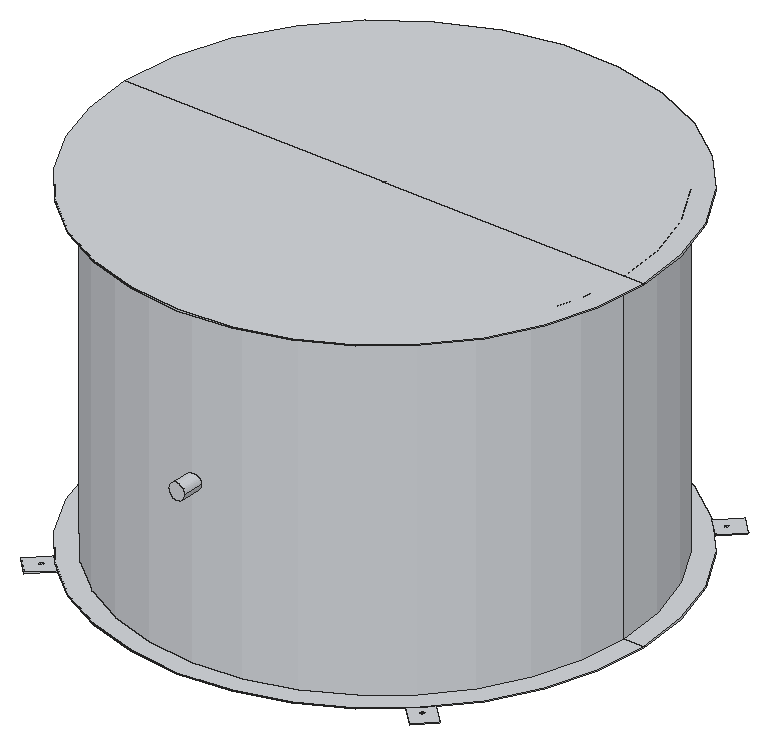
Revit family "AFD-C_Downblast_Floor_Mount", category Mechanical Equipment, Revit 2019
Family settings
  Round Connector Dimension = Use Radius
  Part Type = Normal
  Work Plane-Based = No
  Always vertical = Yes
  Cut with Voids When Loaded = No
  Shared = No
  Room Calculation Point = No
Parameters (values of type "60_AFD-C_DOWNBLAST_FLOOR")
  Unit Weight [instance] = ""
  ModelID [instance] = ""
  L/2 = L / 2  # 2' - 0 17/32"
  L = 4' - 1 1/16"
  K/2 = K / 2  # 0' - 0 7/32"
  K = 0' - 0 7/16"
  J/2 = J / 2  # 2' - 10 11/16"
  Accessories [instance] = ""
  45 = 45.00°  # constant formula
  (L-1")/2 = (L - 0' 1") / 2  # 2' - 0 1/32"
  (J+(J-A))/2 = (J + ((J - A) / 2)) / 2  # 3' - 0 11/16"
  J = 5' - 9 3/8"
  CENTER = 0' - 0"  # constant formula
  H-(A/2) = H - (A / 2)  # 2' - 0 1/16"
  H+J = H + CENTER  # 4' - 6 3/4"
  H = 4' - 6 3/4"
  Sones [instance] = ""
  Motor RPM [instance] = ""
  Motor Enclosure [instance] = ""
  LwA [instance] = ""
  G = 12' - 0"
  Fan RPM [instance] = ""
  F/2 = F / 2  # 0' - 1 1/2"
  F = 0' - 3"
  E/2 = E / 2  # 1' - 9"
  E-2" = E - 0' 2"  # 3' - 4"
  E = 3' - 6"
  C/2+J = C / 2 + CENTER  # 2' - 7 13/16"
  C/2 = C / 2  # 2' - 7 13/16"
  C = 5' - 3 5/8"
  B/2 = B / 2  # 2' - 9 3/8"
  B = 5' - 6 3/4"
  A/3 = A / 2.5  # 2' - 0.55"
  A/2 = A / 2  # 2' - 6 11/16"
  A = 5' - 1 3/8"
  60 = 60.00°  # constant formula
  30 = 30.00°  # constant formula
  3" = 0' - 3"  # constant formula
  Brake Hp [instance] = ""
  4" = 0' - 4"  # constant formula
  2' = 2' - 0"
  2" = 0' - 2"  # constant formula
  1" = 0' - 1"  # constant formula
  0 = 0' - 0"  # constant formula
  Voltage [instance] = 0 V
  URL = "www.lorencook.com"
  Type Comments = "Tube Axial Fan Downblast Floor Mount Direct Drive Arrangement 4"  # constant formula
  Static Pressure [instance] = 0.00 in-wg
  Power [instance] = Voltage * Motor FLA * sqrt(if(Phase = 3, 3, 1))  # 0 VA
  Phase [instance] = 0
  Number of Poles [instance] = 1
  Motor Hp [instance] = "0"
  Motor FLA [instance] = 0 A
  Model = "AFD-C"  # constant formula
  Manufacturer = "Loren Cook Company"
  CFM [instance] = 0 CFM
  1.5 = 0' - 1 1/2"  # constant formula
  ONE EIGTH = 0' - 0 1/8"  # constant formula
  -E/2 = -E / 2  # -1' - 9"
  -(E-.25")/2 = -(E - 0' 0 1/4") / 2  # -1' - 8 7/8"
  (K/2)-((J-A-.25")/2) = (K / 2) - ((J - A - 0' 0 1/4") / 2)  # -0' - 3 21/32"
  (J-A-.25") = (J - A - 0' 0 1/4")  # 0' - 7 3/4"
  (H-(A/2))/2 = (H - (A / 2)) / 2  # 1' - 0 1/32"
  (E-.25")/2 = (E - 0' 0 1/4") / 2  # 1' - 8 7/8"
  (A+.25")/2 = (A + 0' 0 1/4") / 2  # 2' - 6 13/16"
Types (12): name | L/2 | L | K/2 | K | J/2 | (L-1")/2 | (J+(J-A))/2 | J | H-(A/2) | H+J | H | G | F/2 | F | E/2 | E-2" | E | C/2+J | C/2 | C | B/2 | B | A/3 | A/2 | A | -E/2 | -(E-.25")/2 | (K/2)-((J-A-.25")/2) | (J-A-.25") | (H-(A/2))/2 | (E-.25")/2 | (A+.25")/2
  (no name) | 2' - 0 17/32" | 4' - 1 1/16" | 0' - 0 7/32" | 0' - 0 7/16" | 2' - 10 11/16" | 2' - 0 1/32" | 3' - 0 11/16" | 5' - 9 3/8" | 2' - 0 1/16" | 4' - 6 3/4" | 4' - 6 3/4" | 12' - 0" | 0' - 1 1/2" | 0' - 3" | 1' - 9" | 3' - 4" | 3' - 6" | 2' - 7 13/16" | 2' - 7 13/16" | 5' - 3 5/8" | 2' - 9 3/8" | 5' - 6 3/4" | 2' - 0.55" | 2' - 6 11/16" | 5' - 1 3/8" | -1' - 9" | -1' - 8 7/8" | -0' - 3 21/32" | 0' - 7 3/4" | 1' - 0 1/32" | 1' - 8 7/8" | 2' - 6 13/16"
  12_AFD-C_DOWNBLAST_FLOOR | 0' - 6 3/8" | 1' - 0 3/4" | 0' - 0 3/16" | 0' - 0 3/8" | 0' - 9 1/32" | 0' - 5 7/8" | 0' - 10 21/64" | 1' - 6 1/16" | 1' - 6 3/16" | 2' - 0 5/8" | 2' - 0 5/8" | 6' - 0" | 0' - 0 5/32" | 0' - 0 5/16" | 0' - 11" | 1' - 8" | 1' - 10" | 0' - 7 5/16" | 0' - 7 5/16" | 1' - 2 5/8" | 0' - 7 13/16" | 1' - 3 5/8" | 0' - 5.15" | 0' - 6 7/16" | 1' - 0 7/8" | -0' - 11" | -0' - 10 7/8" | -0' - 2 9/32" | 0' - 4 15/16" | 0' - 9 3/32" | 0' - 10 7/8" | 0' - 6 9/16"
  16_AFD-C_DOWNBLAST_FLOOR | 0' - 7 13/16" | 1' - 3 5/8" | 0' - 0 3/16" | 0' - 0 3/8" | 0' - 11 1/32" | 0' - 7 5/16" | 1' - 0 21/64" | 1' - 10 1/16" | 1' - 9 11/16" | 2' - 6 1/8" | 2' - 6 1/8" | 6' - 0" | 0' - 0 5/32" | 0' - 0 5/16" | 1' - 0 1/2" | 1' - 11" | 2' - 1" | 0' - 9 5/16" | 0' - 9 5/16" | 1' - 6 5/8" | 0' - 9 13/16" | 1' - 7 5/8" | 0' - 6 3/4" | 0' - 8 7/16" | 1' - 4 7/8" | -1' - 0 1/2" | -1' - 0 3/8" | -0' - 2 9/32" | 0' - 4 15/16" | 0' - 10 27/32" | 1' - 0 3/8" | 0' - 8 9/16"
  18_AFD-C_DOWNBLAST_FLOOR | 0' - 8 1/2" | 1' - 5" | 0' - 0 3/16" | 0' - 0 3/8" | 1' - 0 1/32" | 0' - 8" | 1' - 1 21/64" | 2' - 0 1/16" | 1' - 9 11/16" | 2' - 7 1/8" | 2' - 7 1/8" | 6' - 0" | 0' - 0 5/32" | 0' - 0 5/16" | 1' - 0 1/2" | 1' - 11" | 2' - 1" | 0' - 10 5/16" | 0' - 10 5/16" | 1' - 8 5/8" | 0' - 10 13/16" | 1' - 9 5/8" | 0' - 7.55" | 0' - 9 7/16" | 1' - 6 7/8" | -1' - 0 1/2" | -1' - 0 3/8" | -0' - 2 9/32" | 0' - 4 15/16" | 0' - 10 27/32" | 1' - 0 3/8" | 0' - 9 9/16"
  24_AFD-C_DOWNBLAST_FLOOR | 0' - 10 7/8" | 1' - 9 3/4" | 0' - 0 3/16" | 0' - 0 3/8" | 1' - 3 13/32" | 0' - 10 3/8" | 1' - 4 57/64" | 2' - 6 13/16" | 2' - 3 7/16" | 3' - 3 7/8" | 3' - 3 7/8" | 6' - 0" | 0' - 0 7/32" | 0' - 0 7/16" | 1' - 3 1/2" | 2' - 5" | 2' - 7" | 1' - 1 7/16" | 1' - 1 7/16" | 2' - 2 7/8" | 1' - 2 9/16" | 2' - 5 1/8" | 0' - 9.95" | 1' - 0 7/16" | 2' - 0 7/8" | -1' - 3 1/2" | -1' - 3 3/8" | -0' - 2 21/32" | 0' - 5 11/16" | 1' - 1 23/32" | 1' - 3 3/8" | 1' - 0 9/16"
  28_AFD-C_DOWNBLAST_FLOOR | 1' - 0 5/16" | 2' - 0 5/8" | 0' - 0 3/16" | 0' - 0 3/8" | 1' - 5 13/32" | 0' - 11 13/16" | 1' - 6 57/64" | 2' - 10 13/16" | 2' - 3 7/16" | 3' - 5 7/8" | 3' - 5 7/8" | 6' - 0" | 0' - 0 7/32" | 0' - 0 7/16" | 1' - 3 1/2" | 2' - 5" | 2' - 7" | 1' - 3 7/16" | 1' - 3 7/16" | 2' - 6 7/8" | 1' - 4 9/16" | 2' - 9 1/8" | 0' - 11.55" | 1' - 2 7/16" | 2' - 4 7/8" | -1' - 3 1/2" | -1' - 3 3/8" | -0' - 2 21/32" | 0' - 5 11/16" | 1' - 1 23/32" | 1' - 3 3/8" | 1' - 2 9/16"
  32_AFD-C_DOWNBLAST_FLOOR | 1' - 2 1/8" | 2' - 4 1/4" | 0' - 0 7/32" | 0' - 0 7/16" | 1' - 7 31/32" | 1' - 1 5/8" | 1' - 9 45/64" | 3' - 3 15/16" | 2' - 4 3/4" | 3' - 9 1/4" | 3' - 9 1/4" | 6' - 0" | 0' - 0 7/32" | 0' - 0 7/16" | 1' - 5" | 2' - 8" | 2' - 10" | 1' - 5 1/2" | 1' - 5 1/2" | 2' - 11" | 1' - 6 5/8" | 3' - 1 1/4" | 1' - 1.2" | 1' - 4 1/2" | 2' - 9" | -1' - 5" | -1' - 4 7/8" | -0' - 3 1/8" | 0' - 6 11/16" | 1' - 2 3/8" | 1' - 4 7/8" | 1' - 4 5/8"
  36_AFD-C_DOWNBLAST_FLOOR | 1' - 3 17/32" | 2' - 7 1/16" | 0' - 0 7/32" | 0' - 0 7/16" | 1' - 9 31/32" | 1' - 3 1/32" | 1' - 11 45/64" | 3' - 7 15/16" | 2' - 4 3/4" | 3' - 11 1/4" | 3' - 11 1/4" | 6' - 0" | 0' - 0 7/32" | 0' - 0 7/16" | 1' - 5" | 2' - 8" | 2' - 10" | 1' - 7 1/2" | 1' - 7 1/2" | 3' - 3" | 1' - 8 11/16" | 3' - 5 3/8" | 1' - 2.8" | 1' - 6 1/2" | 3' - 1" | -1' - 5" | -1' - 4 7/8" | -0' - 3 1/8" | 0' - 6 11/16" | 1' - 2 3/8" | 1' - 4 7/8" | 1' - 6 5/8"
  44_AFD-C_DOWNBLAST_FLOOR | 1' - 6 3/8" | 3' - 0 3/4" | 0' - 0 7/32" | 0' - 0 7/16" | 2' - 2" | 1' - 5 7/8" | 2' - 3 3/4" | 4' - 4" | 3' - 0 1/4" | 4' - 10 3/4" | 4' - 10 3/4" | 12' - 0" | 0' - 0 7/32" | 0' - 0 7/16" | 1' - 9" | 3' - 4" | 3' - 6" | 1' - 11 3/4" | 1' - 11 3/4" | 3' - 11 1/2" | 2' - 0 11/16" | 4' - 1 3/8" | 1' - 6" | 1' - 10 1/2" | 3' - 9" | -1' - 9" | -1' - 8 7/8" | -0' - 3 5/32" | 0' - 6 3/4" | 1' - 6 1/8" | 1' - 8 7/8" | 1' - 10 5/8"
  48_AFD-C_DOWNBLAST_FLOOR | 1' - 8 3/16" | 3' - 4 3/8" | 0' - 0 7/32" | 0' - 0 7/16" | 2' - 4 9/16" | 1' - 7 11/16" | 2' - 6 9/16" | 4' - 9 1/8" | 3' - 0 3/16" | 5' - 0 3/4" | 5' - 0 3/4" | 12' - 0" | 0' - 0 7/32" | 0' - 0 7/16" | 1' - 9" | 3' - 4" | 3' - 6" | 2' - 1 13/16" | 2' - 1 13/16" | 4' - 3 5/8" | 2' - 2 3/4" | 4' - 5 1/2" | 1' - 7.65" | 2' - 0 9/16" | 4' - 1 1/8" | -1' - 9" | -1' - 8 7/8" | -0' - 3 21/32" | 0' - 7 3/4" | 1' - 6 3/32" | 1' - 8 7/8" | 2' - 0 11/16"
  54_AFD-C_DOWNBLAST_FLOOR | 1' - 10 1/2" | 3' - 9" | 0' - 0 7/32" | 0' - 0 7/16" | 2' - 7 13/16" | 1' - 10" | 2' - 9 7/8" | 5' - 3 5/8" | 2' - 0 1/16" | 4' - 3 3/4" | 4' - 3 3/4" | 12' - 0" | 0' - 0 7/32" | 0' - 0 7/16" | 1' - 9" | 3' - 4" | 3' - 6" | 2' - 4 13/16" | 2' - 4 13/16" | 4' - 9 5/8" | 2' - 6 3/8" | 5' - 0 3/4" | 1' - 10.15" | 2' - 3 11/16" | 4' - 7 3/8" | -1' - 9" | -1' - 8 7/8" | -0' - 3 25/32" | 0' - 8" | 1' - 0 1/32" | 1' - 8 7/8" | 2' - 3 13/16"
  60_AFD-C_DOWNBLAST_FLOOR | 2' - 0 17/32" | 4' - 1 1/16" | 0' - 0 7/32" | 0' - 0 7/16" | 2' - 10 11/16" | 2' - 0 1/32" | 3' - 0 11/16" | 5' - 9 3/8" | 2' - 0 1/16" | 4' - 6 3/4" | 4' - 6 3/4" | 12' - 0" | 0' - 1 1/2" | 0' - 3" | 1' - 9" | 3' - 4" | 3' - 6" | 2' - 7 13/16" | 2' - 7 13/16" | 5' - 3 5/8" | 2' - 9 3/8" | 5' - 6 3/4" | 2' - 0.55" | 2' - 6 11/16" | 5' - 1 3/8" | -1' - 9" | -1' - 8 7/8" | -0' - 3 21/32" | 0' - 7 3/4" | 1' - 0 1/32" | 1' - 8 7/8" | 2' - 6 13/16"
Reference planes (in)
  plane 1 "Center (Front/Back)": y = 0
  plane 2: z = 0
  plane 3 "Center (Left/Right)": x = 0.40541
Forms (in)
  Revolve 1, solid
    sketch origin (0, 0, 0) x (1, 0, 0) y (0, 0, 1)
      loop
        line (0.40541, -21) -> (33.78041, -21) -> (33.78041, -20.875) -> (31.21791, -20.875) -> (31.21791, 20.875) -> (33.78041, 20.875) -> (33.78041, 21) -> (0.40541, 21) -> (0.40541, -21)
      axis (0.40541, -21) -> (0.40541, 21)
    angle from 0 to 360
  Extrusion 2, void
    sketch origin (0, 0, 0) x (1, 0, 0) y (0, 1, 0)
      loop
        circle (0.40541, 0) r 0.125
    from -21 <- "-E/2" to 21 <- "E/2"
  Extrusion 3, solid
    sketch origin (0.40541, 0, -20.875) x (1, 0, 0) y (0, 1, 0)
      loop
        arc (-24.85963, 26.98095) -> (-25.94198, 25.94198) -> (-26.98095, 24.85963) r 36.6875
        line (-26.98095, 24.85963) -> (-24.6365, 22.51518)
        arc (-24.6365, 22.51518) -> (-23.59969, 23.59969) -> (-22.51518, 24.6365) r 33.375
        line (-22.51518, 24.6365) -> (-24.85963, 26.98095)
      loop
        arc (24.85963, -26.98095) -> (25.94198, -25.94198) -> (26.98095, -24.85963) r 36.6875
        line (26.98095, -24.85963) -> (24.6365, -22.51518)
        arc (24.6365, -22.51518) -> (23.59969, -23.59969) -> (22.51518, -24.6365) r 33.375
        line (22.51518, -24.6365) -> (24.85963, -26.98095)
      loop
        arc (-26.98095, -24.85963) -> (-25.94198, -25.94198) -> (-24.85963, -26.98095) r 36.6875
        line (-24.85963, -26.98095) -> (-22.51518, -24.6365)
        arc (-22.51518, -24.6365) -> (-23.59969, -23.59969) -> (-24.6365, -22.51518) r 33.375
        line (-24.6365, -22.51518) -> (-26.98095, -24.85963)
      loop
        arc (26.98095, 24.85963) -> (25.94198, 25.94198) -> (24.85963, 26.98095) r 36.6875
        line (24.85963, 26.98095) -> (22.51518, 24.6365)
        arc (22.51518, 24.6365) -> (23.59969, 23.59969) -> (24.6365, 22.51518) r 33.375
        line (24.6365, 22.51518) -> (26.98095, 24.85963)
    from 0 to -0.125
  Extrusion 4, void
    sketch origin (0, 0, 0) x (1, 0, 0) y (0, 1, 0)
      loop
        circle (24.93666, 24.53125) r 0.21875
      loop
        circle (-24.12584, 24.53125) r 0.21875
      loop
        circle (-24.12584, -24.53125) r 0.21875
      loop
        circle (24.93666, -24.53125) r 0.21875
    from 21 <- "E/2" to -21 <- "-E/2"
  Extrusion 5, solid
    sketch origin (0, 0, 0) x (1, 0, 0) y (0, 0, 1)
      loop
        circle (0.40541, 0) r 1
    from 0 to 33.375 <- "B/2"
Cuts and joins
  Extrusion 2, Extrusion 4 cuts Revolve 1
  Extrusion 4 cuts Extrusion 3
Dimensions and locks (in)
  "0": Revolve 1 sketch curve to plane 3 "Center (Left/Right)"  (x2)
  "(A+.25")/2": Revolve 1 sketch curve to plane 3 "Center (Left/Right)"
  "B/2": Revolve 1 sketch curve to plane 3 "Center (Left/Right)"  (x2)
  "ONE EIGTH": Revolve 1 sketch curve to Revolve 1 sketch curve  (x2)
  "E": Revolve 1 sketch curve to Revolve 1 sketch curve
  "E/2": level to Revolve 1 sketch curve
  "0": Extrusion 2 sketch curve to plane 3 "Center (Left/Right)"
  "0": plane 1 "Center (Front/Back)" to Extrusion 2 sketch curve
  "0": Extrusion 3 sketch curve to plane 3 "Center (Left/Right)"  (x8)
  "0": Extrusion 3 sketch curve to plane 1 "Center (Front/Back)"  (x8)
  "1.5": plane 3 "Center (Left/Right)" to Extrusion 3 sketch curve  (x3)
  "3"": Extrusion 3 sketch curve to Extrusion 3 sketch curve  (x4)
  "1.5": Extrusion 3 sketch curve to plane 3 "Center (Left/Right)"
  "L/2": plane 3 "Center (Left/Right)" to Extrusion 4 sketch curve  (x4)
  "L/2": plane 1 "Center (Front/Back)" to Extrusion 4 sketch curve  (x4)
  "0": Extrusion 5 sketch curve to plane 3 "Center (Left/Right)"
  "0": Extrusion 5 sketch curve to level
  "ONE EIGTH": radius of Extrusion 2 sketch curve
  "(J+(J-A))/2": radius of Extrusion 3 sketch curve  (x4)
  "B/2": radius of Extrusion 3 sketch curve  (x4)
  "K/2": radius of Extrusion 4 sketch curve  (x4)
  "1"": radius of Extrusion 5 sketch curve
  "45": angle Extrusion 3 sketch curve to plane 3 "Center (Left/Right)"
  "45": angle Extrusion 3 sketch curve to plane 1 "Center (Front/Back)"  (x2)
  "45": angle plane 1 "Center (Front/Back)" to Extrusion 3 sketch curve
Automatic sketch dimensions
  Revolve 1 sketch curve to Revolve 1 sketch curve = 0' - 0"
  Revolve 1 sketch curve to Revolve 1 sketch curve = 1' - 6"
Connectors (in)
  hvac at (0.40541, 0, 20.875), driven by "A/2"
    settings: on Revolve 1, index 2, duct flow 0 CFM, flow factor 0, pres drop 0.00 in-wg, loss coef 0, conn angle 0.00°, conn width 12", conn height 12", conn diameter 61 3/8", duct sys type 29, conn prof type 0, flow config 0, flow direction 1, loss method 0, conn ref index -1, conn util no, is conn primary yes, conn desc ""
  hvac at (0.40541, 0, -21), driven by "A/2"
    settings: on cut or joined group of Revolve 1, Extrusion 2, Extrusion 4, index 4, duct flow 0 CFM, flow factor 0, pres drop 0.00 in-wg, loss coef 0, conn angle 0.00°, conn width 12", conn height 12", conn diameter 61 3/8", duct sys type 29, conn prof type 0, flow config 0, flow direction 2, loss method 0, conn ref index -1, conn util no, is conn primary no, conn desc ""
  electrical at (0.40541, -33.375, 0)
    settings: on Extrusion 5, index 5, voltage 0 V, apparent load 0 VA, apparent load phase1 0 VA, apparent load phase2 0 VA, apparent load phase3 0 VA, power factor 1, load classification "Other", number of poles 1, system type 30, power factor state 1, is connector primary yes, connector utility no, sub classification motor no, connector description ""
